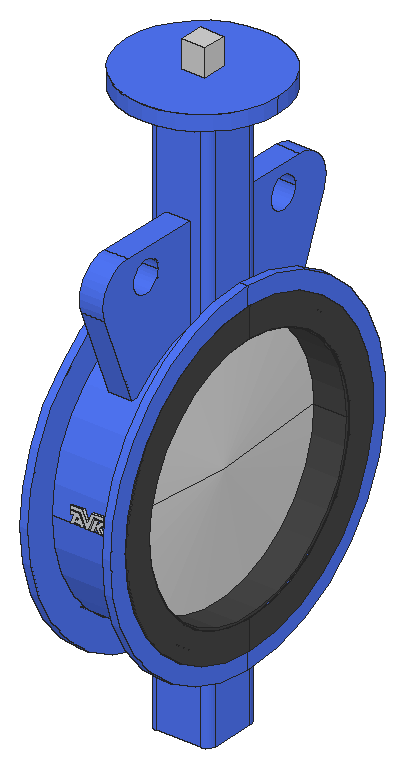
Revit family "820-00-024 DN125-150", category Pipe Accessories, Revit 2022
Family settings
  Round Connector Dimension = Use Diameter
  Part Type = Valve - Breaks Into
  Work Plane-Based = No
  Always vertical = Yes
  Cut with Voids When Loaded = No
  Shared = No
Parameters (values of type "DN150_PN10/16")
  fillet = 2 * Body_wallthickness  # 20 mm
  disk = LUG_T * 0.75  # 20.25 mm
  Wafer_dim1 = L2 + L2 * 0.35  # 138.375 mm
  Wafer_dim = L2 * 0.6  # 61.5 mm
  W2_ref = size_lookup(Search_table, "W2", 0 mm, DN)  # 210 mm
  URL product pages = "https://www.avkvalves.com/P.aspx?no=820006500521L0160002"
  Search_table = "820-00-024 DN125-150"
  PCD = size_lookup(Search_table, "PCD", 0 mm, DN) / 2  # 120 mm
  Lug_D = (Hole_dia / 2) * 1.4  # 13.3 mm
  L_ref_3 = L_ref / 1.2  # 30 mm
  L_ref_2 = L_ref * 2  # 72 mm
  L_ref = [L-2] - (Flange_thickness * 2)  # 36 mm
  LUG_T = [L-2] * 0.5  # 27 mm
  L2 = size_lookup(Search_table, "L2", 0 mm, DN) / 2  # 102.5 mm
  L-2 = size_lookup(Search_table, "L", 0 mm, DN) - 2 mm  # 54 mm
  L = size_lookup(Search_table, "L", 0 mm, DN)  # 56 mm
  ID = DN / 2  # 75 mm
  Hole_dia = size_lookup(Search_table, "Hole_dia", 0 mm, DN)  # 19 mm
  Hole_L1 = L2 + L2 * 0.2  # 123 mm
  Hole_L = L2 / 2  # 51.25 mm
  H2 = size_lookup(Search_table, "H2", 0 mm, DN)  # 141 mm
  Flange_thickness = size_lookup(Search_table, "Flange_Thickness", 0 mm, DN)  # 9 mm
  Fillet = Hole_dia  # 19 mm
  FL_T = Body_wallthickness + Body_wallthickness * 0.5  # 15 mm
  FL_R = ID + Body_wallthickness  # 85 mm
  F2 = size_lookup(Search_table, "F2", 0 mm, DN)  # 16 mm
  F = size_lookup(Search_table, "F", 0 mm, DN)  # 14 mm
  EPDM_R = L2 * 0.9  # 92.25 mm
  EPDM = ID - 1 mm  # 74 mm
  Description_ = "AVK CENTRIC BUTTERFLY VALVE WAFER TYPE, PN10/16"
  Default Elevation = 0 mm
  DN = 150 mm
  Bore = DN / 2  # 75 mm
  Body_wallthickness = 10 mm  # constant formula
  DN150_PN10/16 = "820-0150-00-521L0160002"
  DN125_PN10/16 = "820-0125-00-521L0160002"
  Actuator_Dia = size_lookup(Search_table, "Actuator_Dia", 0 mm, DN)  # 90 mm
  90 = 90 mm  # constant formula
  1 = 1 mm  # constant formula
Types (3, lengths in mm): name | Wafer_dim1 | Wafer_dim | W2_ref | PCD | L2 | ID | Hole_L1 | Hole_L | H2 | FL_R | EPDM_R | EPDM | DN | Bore | Actuator_Dia
  (no name) | 138.375 | 61.5 | 210 | 120 | 102.5 | 75 | 123 | 51.25 | 141 | 85 | 92.25 | 74 | 150 | 75 | 90
  DN125_PN10/16 | 122.175 | 54.3 | 195 | 105 | 90.5 | 62.5 | 108.6 | 45.25 | 128 | 72.5 | 81.45 | 61.5 | 125 | 62.5 | 65
  DN150_PN10/16 | 138.375 | 61.5 | 210 | 120 | 102.5 | 75 | 123 | 51.25 | 141 | 85 | 92.25 | 74 | 150 | 75 | 90
Reference planes
  plane 1 "Center (Front/Back)": y = 0
  plane 2: z = 0
  plane 3 "Center (Left/Right)": x = 0
  plane 4: z = 210
  plane 5: z = -141
  plane 6: y = 18
  plane 7: x = -18
  plane 8: y = -18
  plane 9: x = 18
  plane 10: x = -13
  plane 11: x = 13
  plane 12: y = -13
  plane 13: y = -13
  plane 14: x = -13
  plane 15: x = 13
  plane 16: y = 13
  plane 17: y = 13
  plane 18: z = 226
  plane 19: z = 75
  plane 20: z = -75
  plane 21: y = -102.5
  plane 22: y = 102.5
  plane 23: x = -27
  plane 24: x = 27
  plane 25: x = -13.5
  plane 26: x = 13.5
  plane 27: x = -13.5
  plane 28: x = 13.5
  plane 29: x = -13.5
  plane 30: x = 13.5
  plane 31: x = 7
  plane 32: x = -7
  plane 33: y = 45
  plane 34: y = -45
  plane 35: x = -27
  plane 36: x = 27
  plane 37: x = -45
  plane 38: x = 45
  plane 39: x = -28
  plane 40: x = 28
  plane 41: z = -75
Forms (mm)
  Revolve 1, solid, material "Plastic"
    sketch origin (0, 0, 0) x (1, 0, 0) y (0, 1, 0)
      loop
        line (-27, 85) -> (-27, 75) -> (27, 75) -> (27, 85) -> (-27, 85)
      axis (-27, 0) -> (27, 0)
    angle from 0 to 360
  Extrusion 2, solid, material "Plastic"
    sketch origin (0, 0, 0) x (1, 0, 0) y (0, 1, 0)
      loop
        arc (-13, 18) -> (-16.536, 16.536) -> (-18, 13) r 5
        line (-18, 13) -> (-18, -13)
        arc (-18, -13) -> (-16.536, -16.536) -> (-13, -18) r 5
        line (-13, -18) -> (13, -18)
        arc (13, -18) -> (16.536, -16.536) -> (18, -13) r 5
        line (18, -13) -> (18, 13)
        arc (18, 13) -> (16.536, 16.536) -> (13, 18) r 5
        line (13, 18) -> (-13, 18)
    from -141 to 201
  Extrusion 3, solid, material "Plastic"
    sketch origin (0, 0, 0) x (1, 0, 0) y (0, 1, 0)
      loop
        circle (0, 0) r 45
    from 201 to 210
  Extrusion 4, solid, material "Stainless Steel AISI 304"
    sketch origin (0, 0, 0) x (1, 0, 0) y (0, 1, 0)
      loop
        line (-7, 7) -> (-7, -7) -> (7, -7) -> (7, 7) -> (-7, 7)
    from 210 to 226
  Revolve 5, void
    sketch origin (0, 0, 0) x (1, 0, 0) y (0, 1, 0)
      loop
        line (-27, 75) -> (-27, 0) -> (27, 0) -> (27, 75) -> (-27, 75)
      axis (-27, 0) -> (27, 0)
    angle from 0 to 360
  Revolve 6, solid, material "Stainless Steel AISI 304"
    sketch origin (0, 0, 0) x (1, 0, 0) y (0, 1, 0)
      loop
        line (-13.5, 0) -> (13.5, 0)
        arc (13.5, 0) -> (11.814, 37.652) -> (6.75, 75) r 418.763
        line (6.75, 75) -> (-6.75, 75)
        arc (-6.75, 75) -> (-11.814, 37.652) -> (-13.5, 0) r 418.763
      axis (-13.5, 0) -> (13.5, 0)
    angle from 0 to 360
  Revolve 7, solid, material "Default Wall"
    sketch origin (0, 0, 0) x (1, 0, 0) y (0, 1, 0)
      loop
        line (-27, 75) -> (-27, 74) -> (27, 74) -> (27, 75) -> (-27, 75)
      axis (27, 0) -> (-27, 0)
    angle from 0 to 360
  Revolve 8, solid, material "Default Wall"
    sketch origin (0, 0, 0) x (1, 0, 0) y (0, 0, 1)
      loop
        line (-27, 92.25) -> (-28, 92.25) -> (-28, 75) -> (-27, 75) -> (-27, 92.25)
      loop
        line (27, 92.25) -> (27, 75) -> (28, 75) -> (28, 92.25) -> (27, 92.25)
      axis (-28, 0) -> (28, 0)
    angle from 0 to 360
  Extrusion 9, solid, material "Plastic"
    sketch origin (0, 0, 0) x (0, 1, 0) y (0, 0, 1)
      loop
        line (0, 138.375) -> (-64, 138.375)
        arc (-64, 138.375) -> (-79.699, 130.078) -> (-81.687, 112.433) r 19
        line (-81.687, 112.433) -> (-61.5, 61) -> (0, 61) -> (0, 138.375)
      loop
        circle (-51.25, 123) r 9.5
    from -7 to 7
  Revolve 10, solid, material "Plastic"
    sketch origin (0, 0, 0) x (1, 0, 0) y (0, 0, 1)
      loop
        line (27, -85) -> (22.199, -85) -> (22.199, -102.5) -> (27, -102.5) -> (27, -85)
      loop
        line (-27, -85) -> (-27, -102.5) -> (-22.199, -102.5) -> (-22.199, -85) -> (-27, -85)
      axis (27, 0) -> (-27, 0)
    angle from 0 to 360
  Extrusion 11, solid, material "Plastic"
    sketch origin (0, 0, 0) x (0, -1, 0) y (0, 0, -1)
      loop
        line (0, -138.375) -> (0, -61) -> (-61.5, -61) -> (-81.687, -112.433)
        arc (-81.687, -112.433) -> (-79.699, -130.078) -> (-64, -138.375) r 19
        line (-64, -138.375) -> (0, -138.375)
      loop
        circle (-51.25, -123) r 9.5
    from -7 to 7
Cuts and joins
  Revolve 5 cuts Revolve 1
  Revolve 5 cuts Extrusion 2
Dimensions and locks
  equal spacing: Revolve 1 sketch curve, plane 3 "Center (Left/Right)", Revolve 1 sketch curve
  "ID": plane 1 "Center (Front/Back)" to Revolve 1 sketch curve
  "Body_wallthickness": Revolve 1 sketch curve to Revolve 1 sketch curve
  "W2_ref": plane 4 to level
  "H2": level to plane 5
  locked: plane 7 to plane 10 at 5
  locked: plane 11 to plane 9 at 5
  locked: plane 6 to plane 16 at 5
  locked: plane 12 to plane 8 at 5
  locked: plane 15 to plane 9 at 5
  locked: plane 7 to plane 14 at 5
  locked: plane 13 to plane 8 at 5
  locked: plane 17 to plane 6 at 5
  equal spacing: plane 7, plane 3 "Center (Left/Right)", plane 9
  "L_ref": plane 7 to plane 9
  equal spacing: plane 6, plane 1 "Center (Front/Back)", plane 8
  "L_ref": plane 6 to plane 8
  "Flange_thickness": plane 4 to Extrusion 3
  "F2": plane 18 to plane 4
  equal spacing: plane 19, level, plane 20
  "ID": plane 19 to level
  "L2": plane 1 "Center (Front/Back)" to plane 21
  equal spacing: plane 22, plane 1 "Center (Front/Back)", plane 21
  plane 18 to plane 4 = 16 mm
  equal spacing: Extrusion 4 sketch curve, plane 3 "Center (Left/Right)", Extrusion 4 sketch curve
  equal spacing: Extrusion 4 sketch curve, plane 1 "Center (Front/Back)", Extrusion 4 sketch curve
  "F": Extrusion 4 sketch curve to Extrusion 4 sketch curve  (x2)
  equal spacing: plane 24, plane 3 "Center (Left/Right)", plane 23
  "L-2": plane 24 to plane 23
  equal spacing: Revolve 5 sketch curve, plane 3 "Center (Left/Right)", Revolve 5 sketch curve
  "L-2": Revolve 5 sketch curve to Revolve 5 sketch curve
  "ID": plane 1 "Center (Front/Back)" to Revolve 5 sketch curve
  "L-2": Revolve 1 sketch curve to Revolve 1 sketch curve
  "Flange_thickness": plane 4 to cut or joined group of Extrusion 2, Revolve 5
  equal spacing: plane 23, Extrusion 3 sketch curve, plane 24
  equal spacing: plane 21, Extrusion 3 sketch curve, plane 22
  equal spacing: plane 26, plane 3 "Center (Left/Right)", plane 25
  "LUG_T": plane 26 to plane 25
  equal spacing: Revolve 7 sketch curve, plane 3 "Center (Left/Right)", Revolve 7 sketch curve
  "EPDM": plane 1 "Center (Front/Back)" to Revolve 7 sketch curve
  "ID": plane 1 "Center (Front/Back)" to Revolve 7 sketch curve
  "ID": plane 1 "Center (Front/Back)" to Revolve 6 sketch curve
  equal spacing: plane 24, nested 1, plane 23
  equal spacing: Revolve 6 sketch curve, plane 3 "Center (Left/Right)", Revolve 6 sketch curve  (x2)
  equal spacing: plane 27, plane 3 "Center (Left/Right)", plane 28
  "LUG_T": plane 27 to plane 28
  "LUG_T": plane 27 to Revolve 6 sketch curve
  "disk": Revolve 6 sketch curve to plane 28
  equal spacing: plane 30, plane 3 "Center (Left/Right)", plane 29
  "LUG_T": plane 30 to plane 29
  plane 22 to plane 21 = 205 mm
  plane 24 to plane 23 = 54 mm
  equal spacing: plane 31, plane 3 "Center (Left/Right)", plane 32
  "F": plane 32 to plane 31
  equal spacing: plane 33, plane 1 "Center (Front/Back)", plane 34
  "Actuator_Dia": plane 33 to plane 34
  "Bore": Revolve 8 sketch curve to level
  equal spacing: plane 36, plane 3 "Center (Left/Right)", plane 35
  "L-2": plane 36 to plane 35
  "1": plane 35 to Revolve 8 sketch curve
  equal spacing: Revolve 8 sketch curve, plane 3 "Center (Left/Right)", Revolve 8 sketch curve
  equal spacing: plane 38, plane 3 "Center (Left/Right)", plane 37
  "Actuator_Dia": plane 37 to plane 38
  equal spacing: plane 40, plane 3 "Center (Left/Right)", plane 39
  "L": plane 40 to plane 39
  equal spacing: Extrusion 9, plane 3 "Center (Left/Right)", Extrusion 9
  "Hole_L": plane 1 "Center (Front/Back)" to Extrusion 9 sketch curve
  "Hole_L1": Extrusion 9 sketch curve to level
  "Wafer_dim": plane 1 "Center (Front/Back)" to Extrusion 9 sketch curve
  equal spacing: Revolve 10 sketch curve, plane 3 "Center (Left/Right)", Revolve 10 sketch curve  (x2)
  "ID": plane 41 to level
  "Body_wallthickness": Revolve 10 sketch curve to plane 41
  "F": plane 19 to Extrusion 9 sketch curve
  "L2": Revolve 10 sketch curve to level
  "EPDM_R": Revolve 8 sketch curve to level
  "Wafer_dim1": Extrusion 9 sketch curve to level
  "Hole_dia": plane 34 to Extrusion 9 sketch curve
  Extrusion 11 to Extrusion 11 = 14 mm
  "Wafer_dim1": Extrusion 11 sketch curve to level
  "Hole_L1": Extrusion 11 sketch curve to level
  "Hole_L": Extrusion 11 sketch curve to plane 1 "Center (Front/Back)"
  "F": plane 19 to Extrusion 11 sketch curve
  "Wafer_dim": Extrusion 11 sketch curve to plane 1 "Center (Front/Back)"
  "Hole_dia": Extrusion 11 sketch curve to plane 33
  "Actuator_Dia": diameter of Extrusion 3 sketch curve
  "Hole_dia": diameter of Extrusion 9 sketch curve
  "Fillet": radius of Extrusion 9 sketch curve
  "Hole_dia": diameter of Extrusion 11 sketch curve
  "Fillet": radius of Extrusion 11 sketch curve
  aligned and locked: level to plane 2
  aligned and locked: plane 1 "Center (Front/Back)" to Revolve 1 sketch curve
  aligned and locked: plane 11 to Extrusion 2 sketch curve
  aligned and locked: plane 6 to Extrusion 2 sketch curve  (x2)
  aligned and locked: plane 16 to Extrusion 2 sketch curve
  aligned and locked: plane 9 to Extrusion 2 sketch curve  (x2)
  aligned and locked: plane 12 to Extrusion 2 sketch curve
  aligned and locked: plane 8 to Extrusion 2 sketch curve  (x2)
  aligned and locked: plane 15 to Extrusion 2 sketch curve
  aligned and locked: plane 14 to Extrusion 2 sketch curve
  aligned and locked: plane 7 to Extrusion 2 sketch curve  (x2)
  aligned and locked: plane 13 to Extrusion 2 sketch curve
  aligned and locked: plane 17 to Extrusion 2 sketch curve
  aligned and locked: plane 10 to Extrusion 2 sketch curve
  aligned and locked: Extrusion 2 to plane 5
  aligned and locked: Extrusion 3 to plane 4
  aligned and locked: plane 18 to Extrusion 4
  aligned and locked: plane 4 to Extrusion 4
  aligned and locked: Revolve 5 sketch curve to plane 1 "Center (Front/Back)"
  aligned and locked: plane 1 "Center (Front/Back)" to Revolve 5 sketch curve
  aligned and locked: Revolve 6 sketch curve to plane 1 "Center (Front/Back)"
  aligned and locked: plane 23 to Revolve 7 sketch curve
  aligned and locked: Revolve 7 sketch curve to plane 1 "Center (Front/Back)"
  aligned and locked: plane 35 to Revolve 8 sketch curve
  aligned and locked: Revolve 8 sketch curve to plane 36
  aligned and locked: plane 19 to Revolve 8 sketch curve
  aligned and locked: Revolve 8 sketch curve to Revolve 8 sketch curve
  aligned and locked: Revolve 8 sketch curve to level
  aligned and locked: Extrusion 9 sketch curve to plane 1 "Center (Front/Back)"
  aligned and locked: Extrusion 9 to plane 32
  aligned and locked: Revolve 10 sketch curve to Revolve 10 sketch curve  (x2)
  aligned and locked: Revolve 10 sketch curve to plane 24
  aligned and locked: Revolve 10 sketch curve to level
  aligned and locked: Extrusion 11 to plane 32
  aligned and locked: Extrusion 11 to plane 31
  aligned and locked: Extrusion 11 sketch curve to plane 1 "Center (Front/Back)"
Automatic sketch dimensions
  Revolve 1 sketch curve to plane 23 = 0 mm
  Revolve 1 sketch curve to plane 24 = 0 mm
  Revolve 5 sketch curve to plane 37 = 40.113 mm
  Revolve 5 sketch curve to plane 38 = 46.639 mm
  plane 1 "Center (Front/Back)" to Revolve 6 sketch curve = 0 mm
  Revolve 6 sketch curve to plane 1 "Center (Front/Back)" = 0.115 mm  (x2)
  Revolve 6 sketch curve to Revolve 6 sketch curve = 0.465 mm
  Revolve 6 sketch curve to Revolve 6 sketch curve = 0.194 mm
  Revolve 7 sketch curve to plane 38 = 18.036 mm
  Revolve 7 sketch curve to Revolve 7 sketch curve = 12.301 mm
  Revolve 8 sketch curve to plane 37 = 14.325 mm
  Revolve 8 sketch curve to plane 38 = 30.809 mm
  Extrusion 9 sketch curve to Extrusion 9 sketch curve = 0 mm
  plane 23 to Revolve 10 sketch curve = 4.801 mm
  Revolve 10 sketch curve to plane 37 = 48.089 mm
  Revolve 10 sketch curve to plane 38 = 11.911 mm
Nested families
  nested 1: "Latest New 3" at (0, -84.996, 0.788) x (1, 0, 0) z (0, -1, 0.0093), type "Latest New 3"
Connectors
  piping at (27, 0, 0), diameter 150, driven by "DN"
    settings: on Revolve 1, index 1, connector inside diameter 609.6 mm, connector length 0 mm, flow factor 0, pipe flow 0.0 L/s, pressure drop 0.0 Pa, fitting loss kfactor 0, connector angle 0.00°, fixture units 0, engagement length 0 mm, angle of deflection 0.00°, flow configuration 0, flow direction 0, fitting loss method 0, system type 7, joint type 0, gender type 0, connector reference index -1, connector utility 0, adjustable connector no, is connector primary yes, connector description ""
  piping at (-27, 0, 0), diameter 150, driven by "DN"
    settings: on cut or joined group of Revolve 1, Revolve 5, index 2, connector inside diameter 609.6 mm, connector length 0 mm, flow factor 0, pipe flow 0.0 L/s, pressure drop 0.0 Pa, fitting loss kfactor 0, connector angle 0.00°, fixture units 0, engagement length 0 mm, angle of deflection 0.00°, flow configuration 0, flow direction 0, fitting loss method 0, system type 7, joint type 0, gender type 0, connector reference index -1, connector utility 0, adjustable connector no, is connector primary no, connector description ""
Definition of nested family "Latest New 3"
  Parameters
    Default Elevation = 1219.2 mm
  Reference planes
    plane 1 "Center (Front/Back)": y = 0
    plane 2: z = 0
    plane 3 "Center (Left/Right)": x = 0
  Forms (mm)
    Extrusion 1, solid
      sketch origin (0, 0, 0) x (1, 0, 0) y (0, 1, 0)
        loop
          line (-1219.2, 1219.2) -> (-1219.2, -1219.2) -> (1219.2, -1219.2) -> (1219.2, 1219.2) -> (-1219.2, 1219.2)
      from 0 to -304.8
    Extrusion 2, solid
      sketch origin (0, 0, 0) x (1, 0, 0) y (0, 1, 0)
        loop
          line (-2.683, 9.413) -> (-9.884, 9.413) -> (-9.884, 7.46) -> (-4.022, 7.46) -> (-0.985, 0) -> (0.985, 0) -> (4.022, 7.46) -> (9.884, 7.46) -> (9.884, 9.413) -> (2.683, 9.413) -> (0, 2.824) -> (-2.683, 9.413)
        loop
          line (-4.528, 6.707) -> (-9.884, 6.707) -> (-9.884, 4.824) -> (-8.032, 4.824) -> (-9.884, 0) -> (-7.792, 0) -> (-7.394, 1.035) -> (-4.328, 1.035) -> (-3.907, 0) -> (-1.798, 0) -> (-4.528, 6.707)
        loop
          line (-6.91, 2.824) -> (-5.056, 2.824) -> (-6.01, 5.167) -> (-6.91, 2.824)
        loop
          line (1.798, 0) -> (3.907, 0) -> (4.98, 2.637) -> (6.968, 0) -> (9.413, 0) -> (7.166, 2.983)
          arc (7.166, 2.983) -> (8.216, 3.774) -> (9.007, 4.824) r 4.724
          line (9.007, 4.824) -> (9.884, 4.824) -> (9.884, 6.707) -> (8.001, 6.707)
          arc (8.001, 6.707) -> (7.315, 5.008) -> (5.642, 4.261) r 2.448
          line (5.642, 4.261) -> (6.637, 6.707) -> (4.528, 6.707) -> (1.798, 0)
      from 0 to 1
  Dimensions and locks
    aligned and locked: plane 2 to Extrusion 1
    aligned and locked: level to Extrusion 1
    aligned and locked: Extrusion 2 sketch curve to import instance  (x30)
